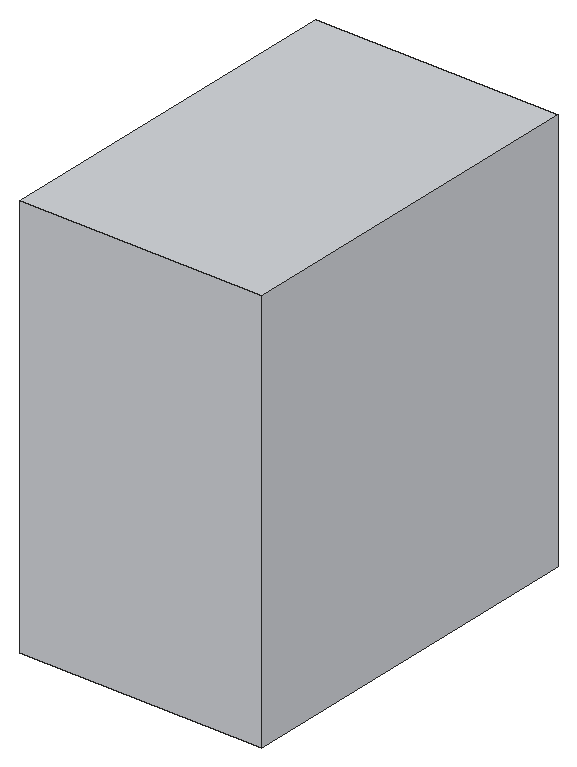
Revit family
Parameters
  Warranty Duration (Years) = 0
  Unit Width [instance] = 1' - 5 1/4"
  Unit Height [instance] = 4' - 6"
  Unit Depth = 0' - 0 1/2"
  URL = "http://www.americanspecialties.com/viewCategories.cfm"
  Trim Material = Metal - Stainless Steel
  Test Data = ""
  Specification = "http://www.arcat.com/sdspecs/htm/10810asi.htm"
  SpecWizard = ""
  Send Message = "http://www.arcat.com/users.pl?action=UserEmail&company=American%20Specialties,%20Inc.&coid=30448&rep=139&fax=914-476-0688&mf="
  Sales Information = "http://www.americanspecialties.com/contact"
  Revision = "R1_10-2010"
  Product Properties = "http://www.americanspecialties.com/datasheets/6462-2.pdf"
  Product Data = "http://www.arcat.com/arcatcos/cos30/arc30448.html"
  Model = "As Specified in 10 28 13"
  Manufacturer Website = "http://www.americanspecialties.com/viewCategories.cfm"
  Manufacturer Phone - Toll Free = ""
  Manufacturer Phone = "914-476-9000 "
  Manufacturer Fax = "914-476-0688"
  Manufacturer Address = "441 Saw Mill River Rd., Yonkers, NY 10701"
  Manufacturer = "American Specialties, Inc."
  Maintenance Schedule (Months) = 0
  Keynote = "10 28 13"
  Installation-Fabrication = "http://www.americanspecialties.com/products.cfm"
  Green Building-LEED = ""
  Expected Lifespan (Years) = 0
  Drawn By = "Robert S. Weygant. CSI, CDT, SCIP"  # constant formula
  Description = "Toilet Accessory as Specified in 10 28 13"
  Default Elevation = 4' - 0"
  Copyright = "©Arcat Inc."
  Construction Details = "http://www.arcat.com/green/clients/leed_data_30448.html"
  Building Codes = "http://www.americanspecialties.com/products.cfm"
  Body Material = Metal - Stainless Steel
  Assembly Code = "C1030210"
Reference planes (in)
  plane 1 "Center (Front/Back)": y = -0.29112
  plane 2 "Floor Line": z = 0
  plane 3 "Center (Left/Right)": x = -0.65843
Forms (in)
  Extrusion 1, solid
    sketch origin (-3, -9, -6) x (0, 0, -1) y (1, 0, 0)
      loop
        line (-82, 26) -> (-82, -19.34712) -> (-6, -19.34712) -> (-6, 26) -> (-82, 26)
    from 28.29112 to -41.06337
  Extrusion 2, solid, material "Metal - Stainless Steel" <- "Body Material"
    sketch origin (0, 0, 0) x (1, 0, 0) y (0, 1, 0)
      loop
        line (-8.28343, 25.70888) -> (-8.28343, -26.29112) -> (6.96657, -26.29112) -> (6.96657, 25.70888) -> (-8.28343, 25.70888)
    from 2 to -4
  Extrusion 3, solid, material "Metal - Stainless Steel" <- "Body Material"
    sketch origin (-0.90625, -0.29112, 2) x (1, 0, 0) y (0, 0, 1)
      loop
        line (-8.37718, 0) -> (8.87282, 0) -> (8.87282, 0.5) -> (-8.37718, 0.5) -> (-8.37718, 0)
    from -27 to 27
  Extrusion 4, void
    sketch origin (-0.65843, 1, 2) x (0, 1, 0) y (0, 0, 1)
      loop
        line (6.20888, -5.96875) -> (8.70888, 0) -> (8.70888, 0.96074) -> (-0.29112, 0.96074) -> (-0.29112, -5.96875) -> (6.20888, -5.96875)
    from -7.60938 to 7.60938
  Extrusion 5, void
    sketch origin (-0.65843, 0, 0) x (0, 1, 0) y (0, 0, 1)
      loop
        line (0.70888, 1.9851) -> (-26.25987, 1.9851) -> (-26.25987, -3.96875) -> (0.70888, -3.96875) -> (0.70888, 1.9851)
    from -7.60938 to 7.60938
  Extrusion 6, void
    sketch origin (-34, 1.05662, 3.67164) x (1, 0, 0) y (0, 0.386329, 0.922361)
      loop
        line (28.09288, -1.93126) -> (28.85535, -1.93126)
        arc (28.85535, -1.93126) -> (33.22411, -2.34853) -> (37.59288, -1.93126) r 23.07885
        line (37.59288, -1.93126) -> (38.36783, -1.93126)
        arc (38.36783, -1.93126) -> (38.54891, -1.67833) -> (38.35535, -1.43482) r 0.2582
        line (38.35535, -1.43482) -> (37.60535, -1.43482)
        arc (37.60535, -1.43482) -> (33.23035, -0.48426) -> (28.85535, -1.43482) r 10.54338
        line (28.85535, -1.43482) -> (28.10535, -1.43482)
        arc (28.10535, -1.43482) -> (27.91179, -1.67833) -> (28.09288, -1.93126) r 0.2582
    from -8.87631 to -8.62631
  Extrusion 7, solid, material "Metal - Stainless Steel" <- "Trim Material"
    sketch origin (0, 0, 1.5625) x (1, 0, 0) y (0, 1, 0)
      loop
        circle (-7.28343, -17.29112) r 0.5
      loop
        line (-7.34025, -16.87247) -> (-7.34025, -17.72198) -> (-7.22662, -17.72198) -> (-7.22662, -16.87247) -> (-7.34025, -16.87247)
      loop
        circle (-7.28343, 16.70888) r 0.5
      loop
        line (-7.34025, 16.29024) -> (-7.22662, 16.29024) -> (-7.22662, 17.13975) -> (-7.34025, 17.13975) -> (-7.34025, 16.29024)
    from 0.9375 to 1
  Extrusion 8, solid, material "Metal - Stainless Steel" <- "Body Material"
    sketch origin (0, 0, 0) x (1, 0, 0) y (0, 1, 0)
      loop
        line (-9.28343, 26.70888) -> (-9.28343, -27.29112) -> (7.96657, -27.29112) -> (7.96657, 26.70888) -> (-9.28343, 26.70888)
      loop
        line (-8.28343, 25.70888) -> (-8.28343, -26.29112) -> (6.96657, -26.29112) -> (6.96657, 25.70888) -> (-8.28343, 25.70888)
    from 0 to 2
  Extrusion 9, void
    sketch origin (0, 0, 0) x (1, 0, 0) y (0, 1, 0)
      loop
        line (-8.28343, 25.70888) -> (-8.28343, -26.25987) -> (6.95094, -26.25987) -> (6.95094, 25.70888) -> (-8.28343, 25.70888)
    from 0 to -4
Cuts and joins
  Extrusion 4, Extrusion 5, Extrusion 6 cuts Extrusion 2
  Extrusion 4 cuts Extrusion 3
  Extrusion 4 cuts Extrusion 8
Dimensions and locks (in)
  Extrusion 3 sketch curve to Extrusion 3 sketch curve = 1' - 5 1/4"
  Extrusion 3 sketch curve to Extrusion 3 sketch curve = 0' - 0 1/2"
  equal spacing: Extrusion 3, plane 3 "Center (Left/Right)", Extrusion 3
  aligned and locked: Extrusion 1 to level
  aligned and locked: Extrusion 2 to cut or joined group of Extrusion 3, Extrusion 4
  aligned and locked: Extrusion 8 to cut or joined group of Extrusion 2, Extrusion 4, Extrusion 5, Extrusion 6
Automatic sketch dimensions
  Extrusion 1 sketch curve to Extrusion 1 sketch curve = 6' - 4"
  Extrusion 1 sketch curve to Extrusion 1 sketch curve = 3' - 9.34712"
  Extrusion 2 sketch curve to plane 3 "Center (Left/Right)" = 0' - 7 5/8"
  plane 3 "Center (Left/Right)" to Extrusion 2 sketch curve = 0' - 7 5/8"
  plane 1 "Center (Front/Back)" to Extrusion 2 sketch curve = 2' - 2"
  Extrusion 2 sketch curve to plane 1 "Center (Front/Back)" = 2' - 2"
  level to Extrusion 3 sketch curve = 0' - 2"
  Extrusion 3 sketch curve to plane 3 "Center (Left/Right)" = 0' - 8 5/8"
  level to Extrusion 4 sketch curve = 0' - 2"
  Extrusion 4 sketch curve to plane 1 "Center (Front/Back)" = 0' - 1"
  Extrusion 4 sketch curve to plane 1 "Center (Front/Back)" = 0' - 7 1/2"
  Extrusion 4 sketch curve to Extrusion 4 sketch curve = 0' - 2 1/2"
  Extrusion 4 sketch curve to level = 0' - 3 31/32"
  Extrusion 4 sketch curve to Extrusion 4 sketch curve = 0' - 0.96074"
  level to Extrusion 5 sketch curve = 0' - 1.9851"
  plane 1 "Center (Front/Back)" to Extrusion 5 sketch curve = 2' - 1 31/32"
  Extrusion 5 sketch curve to plane 1 "Center (Front/Back)" = 0' - 1"
  Extrusion 5 sketch curve to Extrusion 5 sketch curve = 0' - 5.95385"
  Extrusion 6 sketch curve to plane 3 "Center (Left/Right)" = 0' - 5.24869"
  Extrusion 6 sketch curve to Extrusion 6 sketch curve = 0' - 0.01248"  (x2)
  Extrusion 6 sketch curve to Extrusion 6 sketch curve = 0' - 0.06456"  (x2)
  Extrusion 6 sketch curve to Extrusion 6 sketch curve = 0' - 0.68544"  (x2)
  Extrusion 6 sketch curve to Extrusion 6 sketch curve = 0' - 0"
  Extrusion 6 sketch curve to plane 3 "Center (Left/Right)" = 0' - 0.11745"
  Extrusion 6 sketch curve to plane 3 "Center (Left/Right)" = 0' - 0.11122"
  plane 3 "Center (Left/Right)" to Extrusion 6 sketch curve = 0' - 4.25131"
  Extrusion 6 sketch curve to Extrusion 6 sketch curve = 0' - 0.07703"
  Extrusion 6 sketch curve to Extrusion 6 sketch curve = 0' - 9.09638"
  Extrusion 6 sketch curve to Extrusion 6 sketch curve = 0' - 0.24644"
  Extrusion 6 sketch curve to Extrusion 6 sketch curve = 1' - 10.16514"
  Extrusion 7 sketch curve to plane 3 "Center (Left/Right)" = 0' - 6.68181"  (x2)
  Extrusion 7 sketch curve to Extrusion 7 sketch curve = 0' - 0.05681"  (x2)
  Extrusion 7 sketch curve to Extrusion 7 sketch curve = 0' - 0.11363"  (x2)
  plane 1 "Center (Front/Back)" to Extrusion 7 sketch curve = 1' - 5.43086"
  Extrusion 7 sketch curve to Extrusion 7 sketch curve = 0' - 0.43086"  (x2)
  Extrusion 7 sketch curve to Extrusion 7 sketch curve = 0' - 0.41864"  (x2)
  Extrusion 7 sketch curve to plane 1 "Center (Front/Back)" = 1' - 4.58136"
  Extrusion 8 sketch curve to plane 3 "Center (Left/Right)" = 0' - 8 5/8"
  plane 3 "Center (Left/Right)" to Extrusion 8 sketch curve = 0' - 8 5/8"
  plane 1 "Center (Front/Back)" to Extrusion 8 sketch curve = 2' - 3"
  Extrusion 8 sketch curve to plane 1 "Center (Front/Back)" = 2' - 3"
  Extrusion 9 sketch curve to plane 3 "Center (Left/Right)" = 0' - 7 5/8"
  plane 3 "Center (Left/Right)" to Extrusion 9 sketch curve = 0' - 7 39/64"
  plane 1 "Center (Front/Back)" to Extrusion 9 sketch curve = 2' - 1 31/32"
  Extrusion 9 sketch curve to plane 1 "Center (Front/Back)" = 2' - 2"
  Extrusion 8 sketch curve to Extrusion 8 sketch curve = 0' - 1"  (x4)
  radius of Extrusion 7 sketch curve = 0' - 0 1/2"  (x2)
